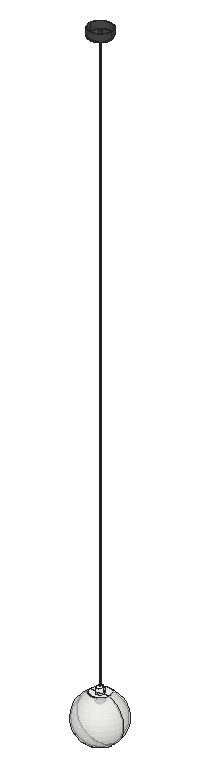
Revit family "POC-Suspension", category Lighting Fixtures, host Ceiling, Revit 2020
Family settings
  Host = Ceiling
  Round Connector Dimension = Use Diameter
  Part Type = Normal
  OmniClass Number = 23.80.70.11
  OmniClass Title = Luminaries for Internal Lighting
  Always vertical = Yes
  Cut with Voids When Loaded = No
  Light Source = No
  Shared = No
  Room Calculation Point = No
Parameters (values of type "POC SP16")
  World Region [instance] = yes
  Width = 25 mm
  Voltage Control [instance] = if(World Region, 240 VA, 110 VA)  # 240 VA
  Voltage [instance] = if(World Region, 240 V, 110 V)  # 240 V
  USA and Canada market contacts = "ip@vistosi.it, +39.344.180.73.87"
  USA Region [instance] = not(World Region)  # no
  URL Product Page = "https://vistosi.it/glass-lamps-products/poc-sp/?lang=en&sku=POCSP25-000NI-CRBCG9-1CE"
  URL = "https://vistosi.com"
  Type Comments = "Studio Debonademeo"
  Region [instance] = if(World Region, "Europe", "USA")  # "Europe"
  Product data url = ""
  POC SP 25 = no
  Model = "POC"
  Material Bulb [instance] = 000_VISTOSI_Bulb
  Manufacturer country = "Italy"
  Manufacturer = "Vistosi"
  Light Source [instance] = Bulb : 3000 K 13 W 37 V 2000 lm DIM2 Phase Cut
  Lampshade Type = POC_Lampshade : POC_D=160mm
  Height [instance] = 2000 mm
  Glass finish_type1 [instance] = none
  Frequency [instance] = if(World Region, 50 Hz, 60 Hz)  # 50 Hz
  Frame finish [instance] = none
  Designer = "Studio Debonademeo"
  Description = "SUSPENSION"
  Depth = 0 mm
  Default Elevation = 0 mm
  Contact = "T. +39 041 5903480 Email: vistosi@vistosi.it"
  Bulb Diametr = 15 mm
  BIMobject category = ""
Types (2, lengths in mm): name | POC SP 25 | Light Source | Lampshade Type
  POC SP16 | no | Bulb : 3000 K 13 W 37 V 2000 lm DIM2 Phase Cut | POC_Lampshade : POC_D=160mm
  POC SP25 | yes | POC_Lampshade : POC_D=160mm | POC_Lampshade : POC_D=250mm
Reference planes
  plane 1 "Light Source Axis (F/B)": y = 0
  plane 2 "Ceiling": z = 2438.4
  plane 3 "Light Source Axis (L/R)": x = 0
  plane 4 "Light Source Elevation": z = 2438.4
  plane 5 "Lower Base": z = 438.4
  plane 6 "Top2": z = 2413.4
Forms (mm)
  Extrusion 1, solid
    sketch origin (0, 0, 733.4) x (-1, 0, 0) y (0, -1, 0)
      loop
        circle (0, 0) r 1
    from -268.374 to 1680
  Sweep 2, solid, visible <- "POC SP 25"
    path in 3D
      loop
        line (-25, 0, 438.4) -> (0, 0, 838.4) -> (-25, 0, 2413.4)
    profile origin (-12.5, 0, 1625.9) x (-0.999874, 0, -0.015871) y (0, -1, 0)
      loop
        circle (0, 0) r 1
  Sweep 3, solid, visible <- "POC SP 25"
    path in 3D
      loop
        line (0, 25, 438.4) -> (0, 0, 838.4) -> (0, 25, 2413.4)
    profile origin (0, 12.5, 1625.9) x (-1, -0.000109, 0.000002) y (0.000109, -0.999874, 0.015871)
      loop
        circle (0, 0) r 1
  Sweep 4, solid, visible <- "POC SP 25"
    path in 3D
      loop
        line (25, 0, 438.4) -> (0, 0, 838.4) -> (25, 0, 2413.4)
    profile origin (12.5, 0, 1625.9) x (-0.999874, -0.000109, 0.015871) y (0.000109, -1, -0.000002)
      loop
        circle (0, 0) r 1
  Sweep 5, solid, visible <- "POC SP 25"
    path in 3D
      loop
        line (0, -25, 438.4) -> (0, 0, 838.4) -> (0, -25, 2413.4)
    profile origin (0, -12.5, 1625.9) x (-1, 0, 0) y (0, -0.999874, -0.015871)
      loop
        circle (0, 0) r 1
  Revolve 6, solid, material <- "Frame finish", visible <- "POC SP 25"
    sketch origin (0, 0, 0) x (1, 0, 0) y (0, 0, 1)
      loop
        line (0, 830.4) -> (0, 846.4) -> (-7, 846.4) -> (-7, 830.4) -> (0, 830.4)
      axis (0, 846.4) -> (0, 830.4)
    angle from 0 to 360
Lines and regions (mm)
  sketch lines
    curve 1: line (0, 0, 838.4) -> (-25, 0, 2413.4)
    curve 2: line (-25, 0, 438.4) -> (0, 0, 838.4)
    curve 3: line (0, 0, 838.4) -> (0, 25, 2413.4)
    curve 4: line (0, 25, 438.4) -> (0, 0, 838.4)
    curve 5: line (0, 0, 838.4) -> (25, 0, 2413.4)
    curve 6: line (25, 0, 438.4) -> (0, 0, 838.4)
    curve 7: line (0, 0, 838.4) -> (0, -25, 2413.4)
    curve 8: line (0, -25, 438.4) -> (0, 0, 838.4)
Text (mm)
  text "0 Tilt Angle" at (-1482.244, 236.007, 2133.6), in view "Ref. Level"
  text "180 Tilt Angle" at (653.058, 236.007, 2133.6), in view "Ref. Level"
Dimensions and locks
  equal spacing: host sketch curve, plane 3 "Light Source Axis (L/R)", host sketch curve
  equal spacing: host sketch curve, plane 1 "Light Source Axis (F/B)", host sketch curve
  host sketch curve to host sketch curve = 3048 mm  (x2)
  "Height": plane 2 "Ceiling" to plane 5 "Lower Base"
  locked: plane 2 "Ceiling" to plane 6 "Top2" at 25
  Revolve 6 sketch curve to Revolve 6 sketch curve to plane 5 "Lower Base" = 16 mm, 392 mm
  aligned and locked: plane 4 "Light Source Elevation" to plane 2 "Ceiling"
  aligned and locked: plane 6 "Top2" to Extrusion 1
Automatic sketch dimensions
  plane 1 "Light Source Axis (F/B)" to Extrusion 1 sketch curve = 0 mm
  Extrusion 1 sketch curve to plane 3 "Light Source Axis (L/R)" = 0 mm
  Sweep 2 sketch curve to profile plane = 0 mm
  profile plane to Sweep 2 sketch curve = 0 mm
  Sweep 3 sketch curve to profile plane = 0 mm
  profile plane to Sweep 3 sketch curve = 0 mm
  Sweep 4 sketch curve to profile plane = 0 mm
  profile plane to Sweep 4 sketch curve = 0 mm
  Sweep 5 sketch curve to profile plane = 0 mm
  profile plane to Sweep 5 sketch curve = 0 mm
  Revolve 6 sketch curve to plane 3 "Light Source Axis (L/R)" = 0 mm  (x2)
  Revolve 6 sketch curve to plane 3 "Light Source Axis (L/R)" = 7 mm
  Revolve 6 sketch curve to Revolve 6 sketch curve = 5.564 mm
  Revolve 6 sketch curve to Revolve 6 sketch curve = 5.945 mm
  radius of Extrusion 1 sketch curve = 1 mm
  radius of Sweep 2 sketch curve = 1 mm
  radius of Sweep 3 sketch curve = 1 mm
  radius of Sweep 4 sketch curve = 1 mm
  radius of Sweep 5 sketch curve = 1 mm
Nested families
  nested 1: "POC_Top base" at (0, 0, 2438.4) x (-1, 0, 0) z (0, 0, -1), Frame finish <- "Frame finish", type "POC"
    with Lenght rope 1487.603 mm
  nested 2: "POC_Lampshade" at (0, 0, 448.4) x (-1, 0, 0) z (0, 0, -1), type <- "Lampshade Type", Bulb Diametr <- "Bulb Diametr", Frame finish <- "Frame finish", Glass finish_type1 <- "Glass finish_type1", Material Bulb <- "Material Bulb", type "POC_D=160mm"
    with Material Bulb 000_VISTOSI_Bulb, Glass finish_type1 none, Frame finish none, built-in parameter 1140040 1, Bulb Diametr 15 mm
  nested 3: "Bulb" at (0, 0, 1928.4) x (-1, 0, 0) z (0, 0, -1), type "2700 K 13 W 37 V 2000 lm DIM2 Phase Cut"
    with Material 000_VISTOSI_Bulb, Diameter bulb 15 mm
Connectors
  electrical at (0, 0, 2438.4), driven by "Voltage", driven by "Voltage Control"
    settings: on nested 1, index 1, voltage 240 V, apparent load 0 VA, apparent load phase1 240 VA, apparent load phase2 0 VA, apparent load phase3 0 VA, power factor 1, load classification "Other", number of poles 1, system type 31, power factor state 1, is connector primary yes, connector utility no, sub classification motor no, connector description ""
Definition of nested family "POC_Top base"
  Parameters (values of type "POC")
    Lenght rope [instance] = 1475 mm
    Frame finish [instance] = none
    Description = "Top base"  # constant formula
    Default Elevation = 1219.2 mm
  Reference planes
    plane 1 "Center (Front/Back)": y = 0
    plane 2: z = 0
    plane 3 "Center (Left/Right)": x = 0
    plane 4: through (-45.939, -26.523, 1219.2) normal (-0.5, 0.866, 0)
  Forms (mm)
    Extrusion 1, solid
      sketch origin (0, 0, 0) x (1, 0, 0) y (0, 1, 0)
        loop
          line (-1219.2, 1219.2) -> (-1219.2, -1219.2) -> (1219.2, -1219.2) -> (1219.2, 1219.2) -> (-1219.2, 1219.2)
      from 0 to -304.8
    Revolve 2, solid, material <- "Frame finish"
      sketch origin (0, 0, 0) x (1, 0, 0) y (0, 0, 1)
        loop
          line (-4, 23) -> (-4, 25) -> (-33.943, 25)
          arc (-33.943, 25) -> (-36.275, 24.145) -> (-37.5, 21.984) r 3.606
          line (-37.5, 21.984) -> (-37.5, 0) -> (-35.5, 0) -> (-35.5, 21.786)
          arc (-35.5, 21.786) -> (-34.93, 22.661) -> (-33.943, 23) r 1.606
          line (-33.943, 23) -> (-4, 23)
        axis (0, 25) -> (0, 0)
      angle from 0 to 360
    Revolve 3, solid, material <- "Frame finish"
      sketch origin (0, 0, 3.653) x (1, 0, 0) y (0, 0, 1)
        loop
          line (-2.2, 24.362) -> (-6, 24.362) -> (-6, 21.347) -> (-4, 21.347) -> (-4, 5.352) -> (-2.2, 5.352) -> (-2.2, 24.362)
        axis (0, 24.362) -> (0, 5.352)
      angle from 0 to 360
  Dimensions and locks
    aligned and locked: plane 2 to Extrusion 1
    aligned and locked: level to Extrusion 1
Definition of nested family "POC_Lampshade"
  Parameters (values of type "POC_D=160mm")
    x = radius - 4 mm  # 76 mm
    radius = diameter / 2  # 80 mm
    diameter = 160 mm
    Material Bulb [instance] = none
    L = 32 mm
    Glass finish_type1 [instance] = none
    Frame finish [instance] = none
    Description = "Lampshade"  # constant formula
    Default Elevation = 1000 mm
    built-in parameter 1140040 [instance] = 1
    t = 5 mm
    Bulb Diametr [instance] = 15 mm
  Types (2, lengths in mm): name | x | radius | diameter | L | t
    POC_D=250mm | 121 | 125 | 250 | 50 | 10
    POC_D=160mm | 76 | 80 | 160 | 32 | 5
  Reference planes
    plane 1 "Center (Front/Back)": y = 0
    plane 2: z = 0
    plane 3 "Center (Left/Right)": x = 0
    plane 4: z = 80
  Forms (mm)
    Extrusion 1, solid
      sketch origin (0, 0, 0) x (1, 0, 0) y (0, 1, 0)
        loop
          line (-1219.2, 1219.2) -> (-1219.2, -1219.2) -> (1219.2, -1219.2) -> (1219.2, 1219.2) -> (-1219.2, 1219.2)
      from 0 to -304.8
    Revolve 2, solid, material <- "Glass finish_type1"
      sketch origin (0, 0, 204.686) x (1, 0, 0) y (0, 0, 1)
        loop
          arc (0, -44.686) -> (-78.74, -110.544) -> (-27.839, -199.686) r 80
          line (-27.839, -199.686) -> (0, -199.686) -> (0, -44.686)
        axis (0, -199.686) -> (0, -44.686)
      angle from 0 to 360
    Revolve 3, void
      sketch origin (0, 0, 0) x (1, 0, 0) y (0, 0, 1)
        loop
          arc (0, 156) -> (-76, 80) -> (0, 4) r 76
          line (0, 4) -> (0, 156)
        axis (0, 4) -> (0, 156)
      angle from 0 to 360
    Revolve 4, solid, material <- "Frame finish"
      sketch origin (0, 0, 204.686) x (1, 0, 0) y (0, 0, 1)
        loop
          line (-32, -201.686) -> (-12.809, -201.686)
          arc (-12.809, -201.686) -> (-12.688, -204.145) -> (-12.487, -206.599) r 76.878
          arc (-12.487, -206.599) -> (-11.314, -212.048) -> (-8.934, -217.088) r 24.396
          arc (-8.934, -217.088) -> (-7.091, -219.54) -> (-4.588, -221.312) r 9.933
          line (-4.588, -221.312) -> (0, -221.312) -> (0, -199.686) -> (-32, -199.686) -> (-32, -201.686)
        axis (0, -221.312) -> (0, -199.686)
      angle from 0 to 360
  Cuts and joins
    Revolve 3 cuts Revolve 2
  Dimensions and locks
    "radius": plane 4 to plane 2
    "t": Revolve 2 sketch curve to level
    "L": plane 3 "Center (Left/Right)" to Revolve 4 sketch curve
    "t": Revolve 4 sketch curve to level
    locked: Revolve 4 sketch curve to Revolve 4 sketch curve at 2
    locked: nested 1 to level at 20
    "radius": radius of Revolve 2 sketch curve
    "x": radius of Revolve 3 sketch curve
    aligned and locked: plane 2 to Extrusion 1
    aligned and locked: level to Extrusion 1
    aligned and locked: Revolve 2 sketch curve to plane 3 "Center (Left/Right)"
    aligned and locked: Revolve 3 sketch curve to plane 3 "Center (Left/Right)"
    aligned and locked: plane 3 "Center (Left/Right)" to nested 1
  Automatic sketch dimensions
    Extrusion 1 sketch curve to Extrusion 1 sketch curve = 2438.4 mm  (x2)
    Revolve 2 sketch curve to plane 3 "Center (Left/Right)" = 0 mm
    Revolve 2 sketch curve to plane 4 = 0 mm
    Revolve 2 sketch curve to level = 5.116 mm
    Revolve 2 sketch curve to Revolve 2 sketch curve = 21.792 mm
    Revolve 3 sketch curve to plane 3 "Center (Left/Right)" = 0 mm
    Revolve 3 sketch curve to level = 0 mm
    Revolve 3 sketch curve to plane 4 = 0 mm
    plane 4 to Revolve 3 sketch curve = 20 mm
    Revolve 4 sketch curve to plane 3 "Center (Left/Right)" = 0 mm  (x2)
    Revolve 4 sketch curve to plane 3 "Center (Left/Right)" = 12.809 mm
    Revolve 4 sketch curve to Revolve 4 sketch curve = 4.588 mm
    Revolve 4 sketch curve to plane 3 "Center (Left/Right)" = 0.168 mm
    level to Revolve 4 sketch curve = 0.466 mm
    plane 3 "Center (Left/Right)" to Revolve 4 sketch curve = 11.793 mm
    level to Revolve 4 sketch curve = 5.567 mm
    Revolve 4 sketch curve to Revolve 4 sketch curve = 52.233 mm
    Revolve 4 sketch curve to level = 7.73 mm
    Revolve 4 sketch curve to Revolve 4 sketch curve = 8.895 mm
    Revolve 4 sketch curve to level = 1.912 mm
    Revolve 4 sketch curve to Revolve 4 sketch curve = 2.615 mm
    plane 4 to Revolve 4 sketch curve = 198.208 mm
  Nested families
    nested 1: "Bulb" at (0, 0, -1480), Material <- "Material Bulb", Diameter bulb <- "Bulb Diametr", type "2700 K 13 W 37 V 2000 lm DIM2 Phase Cut"
      with Material none, Diameter bulb 15 mm
  Definition of nested family "Bulb"
    Parameters (values of type "3000 K 13 W 37 V 2000 lm DIM3 0-10V, Push")
      Wattage = 13.4642 W
      built-in parameter 1150110 = 1 (stored number, unit not read)
      USA and Canada market contacts = ""
      built-in parameter 1114217 = 1 (stored number, unit not read)
      built-in parameter 1150109 = 1 (stored number, unit not read)
      built-in parameter 1150134 = (empty or 0)
      built-in parameter 1150113 = 1 (stored number, unit not read)
      Material [instance] = none
      Diameter bulb [instance] = 15 mm
      Lumens = 2000 lm
      built-in parameter 1150115 = 1 (stored number, unit not read)
      built-in parameter 1150105 = 159.15 (stored number, unit not read)
      Light Source Symbol Size = 30 mm
      built-in parameter 1150137 = (empty or 0)
      built-in parameter 1150139 = (empty or 0)
      built-in parameter 1150112 = 1 (stored number, unit not read)
      built-in parameter 1150114 = 1 (stored number, unit not read)
      built-in parameter 1150132 = 2
      built-in parameter 1150102 = (empty or 0)
      built-in parameter 1150138 = (empty or 0)
      built-in parameter 1150107 = 3000 (stored number, unit not read)
      built-in parameter 1150106 = 1.5915 (stored number, unit not read)
      built-in parameter 1150104 = 13.8 (stored number, unit not read)
      Dimming Lamp Color Temperature Shift = (empty or 0)
      Default Elevation = 1219.2 mm
      Color Filter = 16777215
      built-in parameter 1114218 = 1 (stored number, unit not read)
      built-in parameter 1150133 = 10 (stored number, unit not read)
    Types (4, lengths in mm): name | built-in parameter 1150107
      2700 K 13 W 37 V 2000 lm DIM2 Phase Cut | 2700 (stored number, unit not read)
      2700 K 13 W 37 V 2000 lm DIM3 0-10V, Push | 2700 (stored number, unit not read)
      3000 K 13 W 37 V 2000 lm DIM2 Phase Cut | 3000 (stored number, unit not read)
      3000 K 13 W 37 V 2000 lm DIM3 0-10V, Push | 3000 (stored number, unit not read)
    Reference planes
      plane 1 "Light Source Axis (F/B)": y = 0
      plane 2: z = 0
      plane 3 "Light Source Axis (L/R)": x = 0
      plane 4 "Light Source Elevation": z = 1500
    Forms (mm)
      Revolve 1, solid, material <- "Material"
        sketch origin (0, 0, 0) x (1, 0, 0) y (0, 0, 1)
          loop
            arc (0, 1515) -> (-15, 1500) -> (0, 1485) r 15
            line (0, 1485) -> (0, 1515)
          axis (0, 1515) -> (0, 1485)
        angle from 0 to 360
    Dimensions and locks
      "Diameter bulb": radius of Revolve 1 sketch curve
      aligned and locked: plane 3 "Light Source Axis (L/R)" to imposter light
      aligned and locked: plane 1 "Light Source Axis (F/B)" to imposter light
      aligned and locked: plane 4 "Light Source Elevation" to imposter light
      aligned and locked: level to plane 2
    Automatic sketch dimensions
      Revolve 1 sketch curve to plane 3 "Light Source Axis (L/R)" = 0 mm  (x2)
      Revolve 1 sketch curve to plane 4 "Light Source Elevation" = 0 mm
      Revolve 1 sketch curve to Revolve 1 sketch curve = 5 mm  (x2)
Definition of nested family "Bulb"
  Parameters (values of type "3000 K 13 W 37 V 2000 lm DIM3 0-10V, Push")
    Wattage = 13.4642 W
    built-in parameter 1150110 = 1 (stored number, unit not read)
    USA and Canada market contacts = ""
    built-in parameter 1114217 = 1 (stored number, unit not read)
    built-in parameter 1150109 = 1 (stored number, unit not read)
    built-in parameter 1150134 = (empty or 0)
    built-in parameter 1150113 = 1 (stored number, unit not read)
    Material [instance] = none
    Diameter bulb [instance] = 15 mm
    Lumens = 2000 lm
    built-in parameter 1150115 = 1 (stored number, unit not read)
    built-in parameter 1150105 = 159.15 (stored number, unit not read)
    Light Source Symbol Size = 30 mm
    built-in parameter 1150137 = (empty or 0)
    built-in parameter 1150139 = (empty or 0)
    built-in parameter 1150112 = 1 (stored number, unit not read)
    built-in parameter 1150114 = 1 (stored number, unit not read)
    built-in parameter 1150132 = 2
    built-in parameter 1150102 = (empty or 0)
    built-in parameter 1150138 = (empty or 0)
    built-in parameter 1150107 = 3000 (stored number, unit not read)
    built-in parameter 1150106 = 1.5915 (stored number, unit not read)
    built-in parameter 1150104 = 13.8 (stored number, unit not read)
    Dimming Lamp Color Temperature Shift = (empty or 0)
    Default Elevation = 1219.2 mm
    Color Filter = 16777215
    built-in parameter 1114218 = 1 (stored number, unit not read)
    built-in parameter 1150133 = 10 (stored number, unit not read)
  Types (4, lengths in mm): name | built-in parameter 1150107
    2700 K 13 W 37 V 2000 lm DIM2 Phase Cut | 2700 (stored number, unit not read)
    2700 K 13 W 37 V 2000 lm DIM3 0-10V, Push | 2700 (stored number, unit not read)
    3000 K 13 W 37 V 2000 lm DIM2 Phase Cut | 3000 (stored number, unit not read)
    3000 K 13 W 37 V 2000 lm DIM3 0-10V, Push | 3000 (stored number, unit not read)
  Reference planes
    plane 1 "Light Source Axis (F/B)": y = 0
    plane 2: z = 0
    plane 3 "Light Source Axis (L/R)": x = 0
    plane 4 "Light Source Elevation": z = 1500
  Forms (mm)
    Revolve 1, solid, material <- "Material"
      sketch origin (0, 0, 0) x (1, 0, 0) y (0, 0, 1)
        loop
          arc (0, 1515) -> (-15, 1500) -> (0, 1485) r 15
          line (0, 1485) -> (0, 1515)
        axis (0, 1515) -> (0, 1485)
      angle from 0 to 360
  Dimensions and locks
    "Diameter bulb": radius of Revolve 1 sketch curve
    aligned and locked: plane 3 "Light Source Axis (L/R)" to imposter light
    aligned and locked: plane 1 "Light Source Axis (F/B)" to imposter light
    aligned and locked: plane 4 "Light Source Elevation" to imposter light
    aligned and locked: level to plane 2
  Automatic sketch dimensions
    Revolve 1 sketch curve to plane 3 "Light Source Axis (L/R)" = 0 mm  (x2)
    Revolve 1 sketch curve to plane 4 "Light Source Elevation" = 0 mm
    Revolve 1 sketch curve to Revolve 1 sketch curve = 5 mm  (x2)
